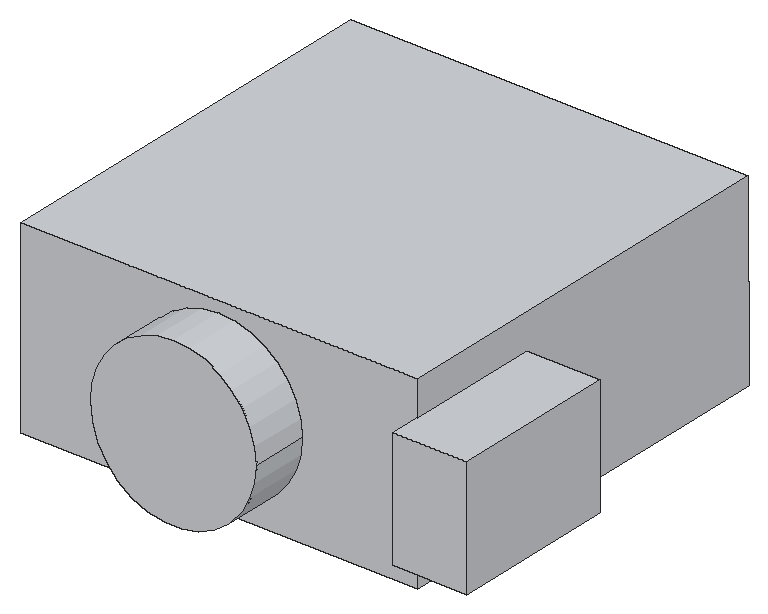
Revit family "EZTA(24x16)+ NO HWC", category Mechanical Equipment, Revit 2018
Family settings
  Round Connector Dimension = Use Radius
  Part Type = Normal
  Work Plane-Based = No
  Always vertical = Yes
  Cut with Voids When Loaded = No
  Shared = No
  Room Calculation Point = No
Parameters (values of type "EZTA(24x16)+ With Controller RH")
  Width = 38"
  URL = "https://www.anemostat-hvac.com"
  Model = "EZTA+"
  Manufacturer = "Anemostat Products"
  Length = 39 1/2"
  Inlet Depth = 5 7/16"
  Inlet Center = Height / 2  # 9"
  Height = 18"
  Duct Inlet Dia = 15 7/8"
  Duct Discharge Width = 38"
  Duct Discharge Height = 18"
  Description = "SINGLE DUCT AIR TERMINAL WITH INTEGRAL ATTENUATOR"
  Controller Right = yes
  Controller Offset = 3"
  Controller Length = 14 7/32"
  Controller Left = no
  Controller Depth = 7 1/8"
  Controller Center = 5.68982"
  Coil Thickness = -5"
Types (4): name | Description | Controller Right | Controller Left
  (no name) | "SINGLE DUCT AIR TERMINAL WITH INTEGRAL ATTENUATOR" | yes | no
  EZTA(24x16)+ NO Controller | "SINGLE DUCT AIR TERMINAL WITH INTEGRAL ATTENUATOR JUMBO HOT WATER HEATING COIL" | no | no
  EZTA(24x16)+ With Controller RH | "SINGLE DUCT AIR TERMINAL WITH INTEGRAL ATTENUATOR" | yes | no
  EZTA(24x16)+ With Controller LH | "SINGLE DUCT AIR TERMINAL WITH INTEGRAL ATTENUATOR" | no | yes
Reference planes (in)
  plane 1 "Center (Front/Back)": y = 0
  plane 2: z = 0
  plane 3 "Center (Left/Right)": x = 0
  plane 4 "Left side": x = -19
  plane 5 "Right Side": x = 19
  plane 6: z = 18
  plane 7 "Back of Box": y = 39.5
  plane 8: x = -12
  plane 9: x = 12
  plane 10: z = 17
  plane 11: z = 1
  plane 12: x = -11.967
  plane 13: x = 11.967
  plane 14: z = 16.967
  plane 15: z = 1.033
  plane 16 "Back of HWC": y = 35
  plane 17: y = 41.25
  plane 18: z = 17.46875
  plane 19: z = 1.15234
  plane 20: y = 42.75
  plane 21 "Center Inlet": z = 9
  plane 22 "controller side": x = -26.125
  plane 23 "controller front": y = -3
  plane 24 "controller back": y = 12.875
  plane 25: z = 14.68982
  plane 26: z = 3.31018
  plane 27 "Controller Right": x = 26.125
Forms (in)
  Extrusion 1, solid
    sketch origin (0, 0, 0) x (1, 0, 0) y (0, 0, 1)
      loop
        line (-19, 18) -> (-19, 0) -> (19, 0) -> (19, 18) -> (-19, 18)
    from 0 to -39.5
  Extrusion 2, solid
    sketch origin (0, 0, 0) x (1, 0, 0) y (0, 0, 1)
      loop
        circle (0, 9) r 7.9375
    from 0 to 5.4375 <- "Inlet Depth"
  Extrusion 3, solid, visible <- "Controller Left"
    sketch origin (-26.125, 0, 0) x (0, 1, 0) y (0, 0, 1)
      loop
        line (12.875, 14.68982) -> (-3, 14.68982) -> (-3, 3.31018) -> (12.875, 3.31018) -> (12.875, 14.68982)
    from 0 to 7.125 <- "Controller Depth"
  Extrusion 4, solid, visible <- "Controller Right"
    sketch origin (19, 0, 0) x (0, 0, 1) y (0, -1, 0)
      loop
        line (14.68982, 3) -> (3.31018, 3) -> (3.31018, -12.875) -> (14.68982, -12.875) -> (14.68982, 3)
    from 0 to 7.125 <- "Controller Depth"
Dimensions and locks (in)
  equal spacing: plane 5 "Right Side", plane 3 "Center (Left/Right)", plane 4 "Left side"
  "Width": plane 5 "Right Side" to plane 4 "Left side"
  "Height": plane 6 to level
  "Length": plane 7 "Back of Box" to plane 1 "Center (Front/Back)"
  plane 4 "Left side" to plane 8 to plane 3 "Center (Left/Right)" = 7", 12"
  equal spacing: plane 9, plane 3 "Center (Left/Right)", plane 8
  locked: plane 7 "Back of Box" to plane 17 at 1.75
  locked: plane 6 to plane 18 at 0.53125
  locked: plane 19 to level at 1.15234
  locked: plane 7 "Back of Box" to plane 20 at 3.25
  "Inlet Center": plane 21 "Center Inlet" to level
  "Duct Inlet Dia": plane 24 "controller back" to plane 23 "controller front"
  "Controller Offset": plane 1 "Center (Front/Back)" to plane 23 "controller front"
  "Controller Depth": plane 22 "controller side" to plane 4 "Left side"
  "Controller Center": plane 25 to plane 21 "Center Inlet"
  "Controller Center": plane 26 to plane 21 "Center Inlet"
  "Controller Depth": plane 27 "Controller Right" to Extrusion 1
  "Duct Inlet Dia": diameter of Extrusion 2 sketch curve
  aligned and locked: Extrusion 1 to plane 7 "Back of Box"
  aligned and locked: Extrusion 3 sketch curve to plane 25
  aligned and locked: Extrusion 3 sketch curve to plane 24 "controller back"
  aligned and locked: Extrusion 3 sketch curve to plane 26
  aligned and locked: Extrusion 3 sketch curve to plane 23 "controller front"
  aligned and locked: Extrusion 4 sketch curve to plane 24 "controller back"
  aligned and locked: Extrusion 4 sketch curve to plane 25
  aligned and locked: Extrusion 4 sketch curve to plane 26
  aligned and locked: Extrusion 4 sketch curve to plane 23 "controller front"
Automatic sketch dimensions
  Extrusion 1 sketch curve to level = 0"
  Extrusion 1 sketch curve to plane 4 "Left side" = 0"
  Extrusion 1 sketch curve to plane 5 "Right Side" = 0"
  Extrusion 1 sketch curve to plane 6 = 0"
  Extrusion 2 sketch curve to plane 3 "Center (Left/Right)" = 0"
  Extrusion 2 sketch curve to plane 21 "Center Inlet" = 0"
Connectors (in)
  hvac at (0, -5.4375, 9), driven by "Duct Inlet Dia"
    settings: on Extrusion 2, index 5, duct flow 0 CFM, flow factor 0, pres drop 0.00 in-wg, loss coef 0, conn angle 0.00°, conn width 12", conn height 12", conn diameter 31 3/4", duct sys type 1, conn prof type 0, flow config 0, flow direction 1, loss method 0, conn ref index -1, conn util no, is conn primary yes, conn desc ""
  electrical at (26.125, 4.9375, 9)
    settings: on Extrusion 4, index 6, voltage 0 V, apparent load 0 VA, apparent load phase1 0 VA, apparent load phase2 0 VA, apparent load phase3 0 VA, power factor 1, load classification "Other", number of poles 1, system type 31, power factor state 1, is connector primary yes, connector utility no, sub classification motor no, connector description ""
  electrical at (-26.125, 4.9375, 9)
    settings: on Extrusion 3, index 7, voltage 0 V, apparent load 0 VA, apparent load phase1 0 VA, apparent load phase2 0 VA, apparent load phase3 0 VA, power factor 1, load classification "Other", number of poles 1, system type 31, power factor state 1, is connector primary no, connector utility no, sub classification motor no, connector description ""
  hvac at (0, 39.5, 9), driven by "Height", driven by "Width"
    settings: on Extrusion 1, index 8, duct flow 0 CFM, flow factor 0, pres drop 0.00 in-wg, loss coef 0, conn angle 0.00°, conn width 38", conn height 18", conn diameter 24", duct sys type 1, conn prof type 1, flow config 0, flow direction 2, loss method 0, conn ref index -1, conn util no, is conn primary no, conn desc ""
